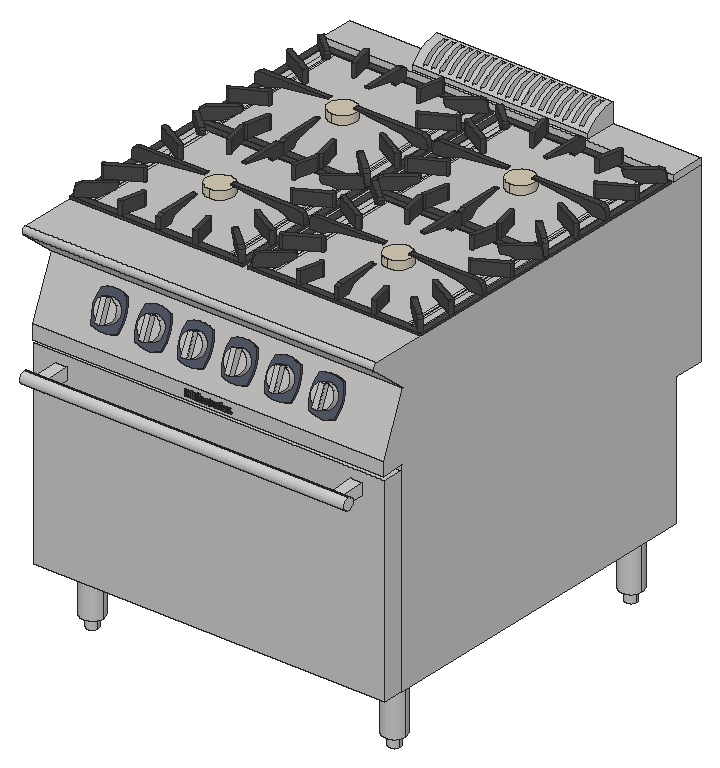
Revit family "QF_ELECTROLUXPROFESSIONAL_391457_E9AAMCBCMEE", category Attrezzature speciali, Revit 2018 (continued)
Automatic sketch dimensions
  plane 5 "FRONT" to Extrusion 17 sketch curve = 31.821 mm
  Extrusion 17 sketch curve to Extrusion 17 sketch curve = 3.343 mm
  Extrusion 17 sketch curve to Extrusion 17 sketch curve = 2.066 mm
  Extrusion 17 sketch curve to Extrusion 17 sketch curve = 0 mm  (x2)
  Extrusion 17 sketch curve to Extrusion 17 sketch curve = 1.593 mm
  Extrusion 17 sketch curve to Extrusion 17 sketch curve = 5.756 mm
  Extrusion 17 sketch curve to Extrusion 17 sketch curve = 4.906 mm
  Extrusion 17 sketch curve to Extrusion 17 sketch curve = 5.312 mm
  plane 5 "FRONT" to Extrusion 17 sketch curve = 22.691 mm
  Extrusion 17 sketch curve to Extrusion 17 sketch curve = 11.3 mm
  Extrusion 17 sketch curve to Extrusion 17 sketch curve = 28.009 mm
  Extrusion 17 sketch curve to Extrusion 17 sketch curve = 2.83 mm
  Extrusion 18 sketch curve to plane 18 = 0 mm
  Extrusion 18 sketch curve to plane 12 = 298.908 mm
  plane 5 "FRONT" to Extrusion 18 sketch curve = 31.821 mm
  Extrusion 18 sketch curve to Extrusion 18 sketch curve = 3.343 mm
  Extrusion 18 sketch curve to Extrusion 18 sketch curve = 2.066 mm
  Extrusion 18 sketch curve to Extrusion 18 sketch curve = 0 mm  (x2)
  Extrusion 18 sketch curve to Extrusion 18 sketch curve = 1.593 mm
  Extrusion 18 sketch curve to Extrusion 18 sketch curve = 5.756 mm
  Extrusion 18 sketch curve to Extrusion 18 sketch curve = 4.906 mm
  Extrusion 18 sketch curve to Extrusion 18 sketch curve = 5.312 mm
  plane 5 "FRONT" to Extrusion 18 sketch curve = 22.691 mm
  Extrusion 18 sketch curve to Extrusion 18 sketch curve = 11.3 mm
  Extrusion 18 sketch curve to Extrusion 18 sketch curve = 28.009 mm
  Extrusion 18 sketch curve to Extrusion 18 sketch curve = 11.2 mm
  Extrusion 1 to Split face 1 sketch curve = 14.837 mm
  Split face 1 sketch curve to Extrusion 1 = 288.713 mm
  Extrusion 1 to Split face 2 sketch curve = 14.837 mm
  Split face 2 sketch curve to Extrusion 1 = 288.713 mm
  Extrusion 20 sketch curve to Extrusion 1 = 51 mm
  Extrusion 20 sketch curve to Extrusion 1 = 186.437 mm
  Extrusion 21 sketch curve to Extrusion 1 = 151 mm
  Extrusion 21 sketch curve to Extrusion 1 = 316.437 mm
  plane 5 "FRONT" to curve 1 = 0 mm
  plane 1 "BACK" to curve 5 = 0 mm
  curve 5 to plane 4 "RIGHT" = 0 mm
  plane 5 "FRONT" to curve 11 = 0 mm
  curve 10 to plane 3 "LEFT" = 0 mm
  curve 1 to plane 3 "LEFT" = 100.013 mm
  curve 2 to plane 4 "RIGHT" = 100.013 mm
  plane 17 to curve 11 = 0 mm
  curve 3 to plane 5 "FRONT" = 0.396 mm
  plane 11 to curve 7 = 4.762 mm
  curve 2 to plane 1 "BACK" = 100.013 mm
  Extrusion 10 sketch curve to Extrusion 9 = 0 mm  (x2)
  Extrusion 9 to Extrusion 10 sketch curve = 31.592 mm
  Extrusion 9 to Extrusion 10 sketch curve = 0.189 mm
  Extrusion 10 sketch curve to Extrusion 9 = 37.955 mm
  Extrusion 1 sketch curve to plane 12 = 0 mm
  Extrusion 1 sketch curve to plane 9 = 0 mm
  Extrusion 1 sketch curve to plane 1 "BACK" = 0 mm
  plane 16 to Extrusion 1 sketch curve = 44.681 mm
  plane 18 to Extrusion 1 sketch curve = 48.563 mm
  Extrusion 1 sketch curve to Extrusion 1 sketch curve = 3.175 mm
  Extrusion 1 sketch curve to Extrusion 1 sketch curve = 0.442 mm
  Extrusion 1 sketch curve to plane 18 = 2.478 mm
  Extrusion 1 sketch curve to plane 5 "FRONT" = 8.995 mm
  Extrusion 1 sketch curve to plane 5 "FRONT" = 3.18 mm
  Extrusion 1 sketch curve to plane 12 = 240.721 mm
  Extrusion 1 sketch curve to Extrusion 1 sketch curve = 1.552 mm
  Extrusion 1 sketch curve to Extrusion 1 sketch curve = 31.298 mm
  Extrusion 1 sketch curve to plane 12 = 84.067 mm
  Extrusion 1 sketch curve to plane 12 = 15.842 mm
  plane 13 to curve 16 = 25.075 mm
  plane 13 to curve 14 = 5.2 mm
  curve 15 to plane 13 = 20.2 mm
  curve 21 to plane 14 = 20.2 mm
  plane 14 to curve 19 = 5.2 mm
  plane 20 to curve 19 = 12.075 mm
  plane 5 "FRONT" to curve 16 = 46.591 mm
  curve 14 to curve 15 = 36.993 mm
  curve 17 to curve 20 = 9.598 mm
  curve 14 to curve 23 = 15.8 mm
  curve 20 to curve 19 = 15.802 mm
  plane 5 "FRONT" to curve 16 = 21.191 mm
  plane 11 to curve 24 = 11.113 mm
  plane 19 to curve 24 = 47.9 mm
  curve 24 to plane 13 = 144 mm
  curve 24 to curve 28 = 20.698 mm
  curve 25 to curve 27 = 9.296 mm
  plane 11 to curve 25 = 17.052 mm
  plane 1 "BACK" to curve 26 = 6.761 mm
  curve 27 to curve 29 = 9.397 mm
  curve 29 to curve 30 = 9.296 mm
  plane 11 to curve 32 = 17.052 mm
  plane 1 "BACK" to curve 30 = 6.761 mm
  curve 31 to curve 33 = 9.397 mm
  curve 33 to curve 34 = 9.296 mm
  plane 11 to curve 36 = 17.052 mm
  plane 1 "BACK" to curve 35 = 6.761 mm
  curve 34 to curve 37 = 9.397 mm
  curve 37 to curve 38 = 9.296 mm
  plane 11 to curve 40 = 17.052 mm
  plane 1 "BACK" to curve 39 = 6.761 mm
  curve 38 to curve 41 = 9.397 mm
  curve 41 to curve 42 = 9.296 mm
  plane 11 to curve 44 = 17.052 mm
  plane 1 "BACK" to curve 43 = 6.761 mm
  curve 42 to curve 45 = 9.397 mm
  curve 45 to curve 48 = 9.296 mm
  curve 43 to curve 45 = 0 mm
  plane 1 "BACK" to curve 47 = 6.761 mm
  curve 46 to curve 49 = 9.397 mm
  curve 49 to curve 52 = 9.296 mm
  curve 47 to curve 49 = 0 mm
  plane 1 "BACK" to curve 51 = 6.761 mm
  curve 51 to curve 56 = 9.397 mm
  curve 53 to curve 56 = 9.296 mm
  curve 51 to curve 53 = 0 mm
  plane 1 "BACK" to curve 55 = 6.761 mm
  curve 55 to curve 57 = 9.397 mm
  curve 57 to curve 60 = 9.296 mm
  curve 55 to curve 57 = 0 mm
  plane 1 "BACK" to curve 59 = 6.761 mm
  curve 58 to curve 61 = 9.397 mm
  curve 64 to plane 7 "Center Y" = 1.823 mm
  curve 59 to curve 61 = 0 mm
  plane 1 "BACK" to curve 63 = 6.761 mm
  plane 7 "Center Y" to curve 65 = 7.574 mm
  curve 65 to curve 68 = 8.858 mm
  curve 63 to curve 65 = 0 mm
  plane 1 "BACK" to curve 67 = 6.761 mm
  curve 67 to curve 72 = 9.397 mm
  curve 69 to curve 72 = 9.296 mm
  curve 67 to curve 69 = 0 mm
  plane 1 "BACK" to curve 71 = 6.761 mm
  curve 70 to curve 73 = 9.397 mm
  curve 73 to curve 76 = 9.296 mm
  curve 71 to curve 73 = 0 mm
  plane 1 "BACK" to curve 75 = 6.761 mm
  curve 74 to curve 77 = 9.397 mm
  curve 77 to curve 80 = 9.296 mm
  curve 75 to curve 77 = 0 mm
  plane 1 "BACK" to curve 79 = 6.761 mm
  curve 79 to curve 81 = 9.397 mm
  curve 81 to curve 84 = 9.296 mm
  curve 79 to curve 81 = 0 mm
  plane 1 "BACK" to curve 83 = 6.761 mm
  curve 82 to curve 85 = 9.397 mm
  curve 85 to curve 88 = 9.296 mm
  curve 83 to curve 85 = 0 mm
  plane 1 "BACK" to curve 87 = 6.761 mm
  curve 87 to curve 89 = 9.397 mm
  curve 89 to curve 92 = 9.296 mm
  curve 87 to curve 89 = 0 mm
  plane 1 "BACK" to curve 91 = 6.761 mm
  curve 90 to curve 93 = 9.397 mm
  curve 96 to plane 19 = 4.77 mm
  curve 91 to curve 93 = 0 mm
  plane 1 "BACK" to curve 95 = 6.761 mm
  plane 19 to curve 97 = 4.627 mm
  curve 97 to curve 100 = 9.296 mm
  curve 95 to curve 97 = 0 mm
  plane 1 "BACK" to curve 99 = 6.761 mm
  curve 98 to curve 101 = 9.397 mm
  curve 101 to curve 104 = 9.296 mm
  curve 99 to curve 101 = 0 mm
  plane 1 "BACK" to curve 103 = 6.761 mm
  radius of Extrusion 6 sketch curve = 25.4 mm  (x6)
  radius of Extrusion 7 sketch curve to Extrusion 6 = 0 mm  (x8)
  radius of Extrusion 16 sketch curve to Extrusion 18 = 0 mm
  radius of Extrusion 19 sketch curve = 12.7 mm
  radius of Split face 1 sketch curve = 5 mm
  radius of Split face 2 sketch curve = 5 mm
  radius of Extrusion 20 sketch curve = 6.4 mm
  radius of Extrusion 21 sketch curve = 12.7 mm
Nested families
  nested 1: "371009_BURNER" at (393.7, -440.488, 0) x (-1, 0, 0) z (0, 0, 1), type "371009_BURNER"
    with Type Mark "", Status "", Specification by User "", Revision Code "", Item Number "", Installed By "", Identify Quantity as Lot yes, Furnished By "", Foodservice Equipment Identifier yes
  nested 2: "371009_BURNER" at (393.7, -440.488, 0) x (-1, 0, 0) z (0, 0, 1), type "371009_BURNER"
    with Type Mark "", Status "", Specification by User "", Revision Code "", Item Number "", Installed By "", Identify Quantity as Lot yes, Furnished By "", Foodservice Equipment Identifier yes
  nested 3: "371009_BURNER" at (406.4, -440.488, 0), type "371009_BURNER"
    with Type Mark "", Status "", Specification by User "", Revision Code "", Item Number "", Installed By "", Identify Quantity as Lot yes, Furnished By "", Foodservice Equipment Identifier yes
  nested 4: "371009_BURNER" at (406.4, -440.488, 0), type "371009_BURNER"
    with Type Mark "", Status "", Specification by User "", Revision Code "", Item Number "", Installed By "", Identify Quantity as Lot yes, Furnished By "", Foodservice Equipment Identifier yes
Connectors
  piping at (749.1, -665, 129), diameter 12.8
    settings: on Extrusion 20, index 1, connector inside diameter 0.50394", connector length 0 mm, flow factor 0, pipe flow 0 GPM, pressure drop 0.00 psi, fitting loss kfactor 0, connector angle 0.00°, fixture units 0, engagement length 0 mm, angle of deflection 0.00°, flow configuration 1, flow direction 1, fitting loss method 0, system type 7, joint type 0, gender type 0, connector reference index -1, connector utility 0, adjustable connector no, is connector primary yes, connector description "GAS CONNECTION"
  electrical at (757.1, -760, 146)
    settings: on Extrusion 19, index 2, voltage 400 V, apparent load 0 VA, apparent load phase1 0 VA, apparent load phase2 0 VA, apparent load phase3 0 VA, power factor 1, load classification "Other", number of poles 1, system type 30, power factor state 1, is connector primary yes, connector utility no, sub classification motor no, connector description "ELECTRICAL CONNECTION"
Definition of nested family "371009_BURNER"
  Parameters
    Weight in Pounds = 0
    URL Cutsheet = ""
    URL = "www.electrolux.com"
    Type Mark [instance] = ""
    Status [instance] = ""
    Specification by User [instance] = ""
    Specification by Manufacturer = ""
    Show Clearance [instance] = yes
    Serial Number = ""
    Seismic Rating = ""
    SMACNA No = ""
    Revision Code [instance] = ""
    Omniclass Number and Title = ""
    NAFEM Spec ID Number = ""
    Model = "371009"
    Masterspec = ""
    Manufacturer = "ELECTROLUX"
    Item Number [instance] = ""
    Installed By [instance] = ""
    Identify Quantity as Lot [instance] = yes
    Furnished By [instance] = ""
    Foodservice Equipment Identifier [instance] = yes
    Description = ""
    CSI MasterFormat = ""
    CSI Master Format = ""
  Reference planes
    plane 1 "BACK": y = 0
    plane 2: z = 0
    plane 3 "LEFT": x = 0
    plane 4 "RIGHT": x = 393.7
    plane 5 "FRONT": y = -355.6
    plane 6 "TOP": z = 908.85
    plane 7 "Center Y": x = 196.85
    plane 8 "Center X": y = -177.8
    plane 9 "Base": z = 150
    plane 10: z = 850.85
  Forms (mm)
    Extrusion 1, solid
      sketch origin (-6.433, -404.961, 5) x (1, 0, 0) y (0, 0, -1)
        loop
          arc (7.142, -850.85) -> (6.739, -862.989) -> (9.761, -874.752) r 42.809
          line (9.761, -874.752) -> (19.961, -879.425) -> (173.122, -879.425)
          arc (173.122, -879.425) -> (174.316, -878.312) -> (173.289, -877.043) r 1.197
          line (173.289, -877.043) -> (64.848, -864.021)
          arc (64.848, -864.021) -> (50.111, -858.738) -> (36.589, -850.85) r 85.245
          line (36.589, -850.85) -> (7.142, -850.85)
        loop
          line (399.424, -850.85) -> (369.977, -850.85)
          arc (369.977, -850.85) -> (356.455, -858.738) -> (341.718, -864.021) r 85.245
          line (341.718, -864.021) -> (233.277, -877.043)
          arc (233.277, -877.043) -> (232.25, -878.312) -> (233.444, -879.425) r 1.197
          line (233.444, -879.425) -> (386.605, -879.425) -> (396.806, -874.752)
          arc (396.806, -874.752) -> (399.827, -862.989) -> (399.424, -850.85) r 42.809
      from 224.564 to 234.564
    Extrusion 2, solid
      sketch origin (196.85, 175.397, 1219.2) x (0, 1, 0) y (0, 0, 1)
        loop
          line (-204.463, -363.35) -> (-175.397, -363.35) -> (-175.397, -339.506)
          arc (-175.397, -339.506) -> (-181.025, -338.266) -> (-185.611, -334.775) r 13.39
          line (-185.611, -334.775) -> (-278.903, -334.775)
          arc (-278.903, -334.775) -> (-280.097, -335.888) -> (-279.07, -337.157) r 1.197
          line (-279.07, -337.157) -> (-227.151, -347.464)
          arc (-227.151, -347.464) -> (-213.741, -352.457) -> (-204.463, -363.35) r 28.426
        loop
          arc (-496.332, -363.35) -> (-487.053, -352.457) -> (-473.644, -347.464) r 28.426
          line (-473.644, -347.464) -> (-421.725, -337.157)
          arc (-421.725, -337.157) -> (-420.697, -335.888) -> (-421.891, -334.775) r 1.197
          line (-421.891, -334.775) -> (-515.184, -334.775)
          arc (-515.184, -334.775) -> (-519.769, -338.266) -> (-525.397, -339.506) r 13.39
          line (-525.397, -339.506) -> (-525.397, -363.35) -> (-496.332, -363.35)
      from -5 to 5
    Extrusion 3, solid
      sketch origin (-6.433, 367.064, 850.85) x (0, -1, 0) y (1, 0, 0)
        loop
          line (722.664, 6.433) -> (722.664, 400.133) -> (367.064, 400.133) -> (367.064, 6.433) -> (722.664, 6.433)
        loop
          line (382.064, 21.433) -> (707.664, 21.433) -> (707.664, 385.133) -> (382.064, 385.133) -> (382.064, 21.433)
      from 0 to 5
    Extrusion 4, solid
      sketch origin (-18.933, 367.064, 855.85) x (0, -1, 0) y (1, 0, 0)
        loop
          circle (541.667, 215.783) r 30
      from -1.321 to 17.134
    Extrusion 5, solid
      sketch origin (-6.433, -367.064, 0) x (1, 0, 0) y (0, 0, -1)
        loop
          line (21.433, -855.85) -> (36.589, -855.85)
          arc (36.589, -855.85) -> (40.561, -855.243) -> (44.305, -853.783) r 18.259
          arc (44.305, -853.783) -> (45.997, -853.366) -> (47.69, -853.783) r 3.649
          arc (47.69, -853.783) -> (49.901, -854.522) -> (52.232, -854.529) r 7.328
          line (52.232, -854.529) -> (354.334, -854.529)
          arc (354.334, -854.529) -> (356.666, -854.522) -> (358.877, -853.783) r 7.328
          arc (358.877, -853.783) -> (360.569, -853.366) -> (362.261, -853.783) r 3.649
          arc (362.261, -853.783) -> (366.005, -855.243) -> (369.977, -855.85) r 18.259
          line (369.977, -855.85) -> (385.133, -855.85) -> (385.133, -850.85) -> (21.433, -850.85) -> (21.433, -855.85)
      from 26.464 to 352.064
    Extrusion 6, solid
      sketch origin (83.284, -458.334, 5) x (0.742103, 0.670286, 0) y (0, 0, -1)
        loop
          arc (88.629, -864.012) -> (73.909, -858.731) -> (60.402, -850.85) r 85.245
          line (60.402, -850.85) -> (14.993, -850.85)
          arc (14.993, -850.85) -> (14.642, -862.948) -> (17.686, -874.663) r 42.876
          line (17.686, -874.663) -> (27.899, -879.425) -> (89.664, -879.425)
          arc (89.664, -879.425) -> (92.39, -878.352) -> (93.654, -875.709) r 4
          arc (93.654, -875.709) -> (92.562, -869.25) -> (88.629, -864.012) r 13.87
        loop
          arc (457.638, -864.012) -> (453.704, -869.25) -> (452.613, -875.709) r 13.87
          arc (452.613, -875.709) -> (453.876, -878.352) -> (456.603, -879.425) r 4
          line (456.603, -879.425) -> (518.367, -879.425) -> (528.581, -874.663)
          arc (528.581, -874.663) -> (531.624, -862.948) -> (531.273, -850.85) r 42.876
          line (531.273, -850.85) -> (485.865, -850.85)
          arc (485.865, -850.85) -> (472.357, -858.731) -> (457.638, -864.012) r 85.245
      from 127.064 to 137.064
    Extrusion 7, solid
      sketch origin (310.416, -458.334, 5) x (-0.742103, 0.670286, 0) y (0, 0, 1)
        loop
          arc (88.629, 864.012) -> (92.562, 869.25) -> (93.654, 875.709) r 13.87
          arc (93.654, 875.709) -> (92.39, 878.352) -> (89.664, 879.425) r 4
          line (89.664, 879.425) -> (27.899, 879.425) -> (17.686, 874.663)
          arc (17.686, 874.663) -> (14.642, 862.948) -> (14.993, 850.85) r 42.876
          line (14.993, 850.85) -> (60.402, 850.85)
          arc (60.402, 850.85) -> (73.909, 858.731) -> (88.629, 864.012) r 85.245
        loop
          arc (457.638, 864.012) -> (472.357, 858.731) -> (485.865, 850.85) r 85.245
          line (485.865, 850.85) -> (531.273, 850.85)
          arc (531.273, 850.85) -> (531.624, 862.948) -> (528.581, 874.663) r 42.876
          line (528.581, 874.663) -> (518.367, 879.425) -> (456.603, 879.425)
          arc (456.603, 879.425) -> (453.876, 878.352) -> (452.613, 875.709) r 4
          arc (452.613, 875.709) -> (453.704, 869.25) -> (457.638, 864.012) r 13.87
      from 127.064 to 137.064
    Extrusion 8, solid
      sketch origin (-6.433, 367.064, 855.85) x (0, -1, 0) y (1, 0, 0)
        loop
          arc (626.166, 9.428) -> (632.956, 7.454) -> (634.93, 14.244) r 5
          line (634.93, 14.244) -> (600.514, 76.878)
          arc (600.514, 76.878) -> (593.724, 78.852) -> (591.75, 72.062) r 5
          line (591.75, 72.062) -> (626.166, 9.428)
        loop
          line (463.562, 9.428) -> (497.977, 72.062)
          arc (497.977, 72.062) -> (496.003, 78.852) -> (489.213, 76.878) r 5
          line (489.213, 76.878) -> (454.798, 14.244)
          arc (454.798, 14.244) -> (456.772, 7.454) -> (463.562, 9.428) r 5
        loop
          line (626.166, 397.138) -> (591.75, 334.504)
          arc (591.75, 334.504) -> (593.724, 327.714) -> (600.514, 329.689) r 5
          line (600.514, 329.689) -> (634.93, 392.323)
          arc (634.93, 392.323) -> (632.956, 399.113) -> (626.166, 397.138) r 5
        loop
          arc (463.562, 397.138) -> (456.772, 399.113) -> (454.798, 392.323) r 5
          line (454.798, 392.323) -> (489.213, 329.689)
          arc (489.213, 329.689) -> (496.003, 327.714) -> (497.977, 334.504) r 5
          line (497.977, 334.504) -> (463.562, 397.138)
        loop
          line (715.14, 293.499) -> (666.703, 282.317)
          arc (666.703, 282.317) -> (662.956, 276.32) -> (668.953, 272.573) r 5
          line (668.953, 272.573) -> (717.389, 283.756)
          arc (717.389, 283.756) -> (721.136, 289.752) -> (715.14, 293.499) r 5
        loop
          arc (715.14, 113.067) -> (721.136, 116.814) -> (717.389, 122.811) r 5
          line (717.389, 122.811) -> (668.953, 133.993)
          arc (668.953, 133.993) -> (662.956, 130.246) -> (666.703, 124.249) r 5
          line (666.703, 124.249) -> (715.14, 113.067)
        loop
          arc (374.588, 293.499) -> (368.591, 289.752) -> (372.338, 283.756) r 5
          line (372.338, 283.756) -> (420.775, 272.573)
          arc (420.775, 272.573) -> (426.771, 276.32) -> (423.024, 282.317) r 5
          line (423.024, 282.317) -> (374.588, 293.499)
        loop
          line (374.588, 113.067) -> (423.024, 124.249)
          arc (423.024, 124.249) -> (426.771, 130.246) -> (420.775, 133.993) r 5
          line (420.775, 133.993) -> (372.338, 122.811)
          arc (372.338, 122.811) -> (368.591, 116.814) -> (374.588, 113.067) r 5
      from 0 to 28.575
  Lines and regions (mm)
    symbolic lines
      curve 1: line (0, -355.6, 150) -> (393.7, -355.6, 150)
      curve 2: line (0, 0, 150) -> (0, -355.6, 150)
      curve 3: line (393.7, -355.6, 150) -> (393.7, 0, 150)
      curve 4: line (369.633, -15, 150) -> (285.34, -15, 150)
      curve 5: line (24.067, -340.6, 150) -> (108.36, -340.6, 150)
      curve 6: line (157.475, -170.397, 150) -> (157.475, -15, 150)
      curve 7: line (236.225, -170.397, 150) -> (236.225, -15, 150)
      curve 8: line (201.85, -350, 150) -> (201.85, -176.674, 150)
      curve 9: line (0, -180.397, 150) -> (167.224, -180.397, 150)
      curve 10: line (393.7, -170.397, 150) -> (228.275, -170.397, 150)
      curve 11: line (15, -180.397, 150) -> (15, -252.506, 150)
      curve 12: line (45.799, -340.6, 150) -> (45.799, -320.971, 150)
      curve 13: line (167.224, -170.397, 150) -> (0, -170.397, 150)
      curve 14: line (228.275, -180.504, 150) -> (393.7, -180.504, 150)
      curve 15: arc (228.275, -170.397, 150) -> (223.221, -175.45, 150) -> (228.275, -180.504, 150) r 5.054
      curve 16: arc (167.224, -170.397, 150) -> (172.224, -175.397, 150) -> (167.224, -180.397, 150) r 5
      curve 17: line (191.85, -176.674, 150) -> (191.85, -350, 150)
      curve 18: line (201.85, -134.556, 150) -> (201.85, -0.794, 150)
      curve 19: arc (201.85, -176.674, 150) -> (196.85, -171.674, 150) -> (191.85, -176.674, 150) r 5
      curve 20: arc (201.85, -134.556, 150) -> (196.85, -139.556, 150) -> (191.85, -134.556, 150) r 5
      curve 21: line (191.85, -15, 150) -> (118.623, -15, 150)
      curve 22: arc (201.85, -29.042, 150) -> (213.272, -50.008, 150) -> (201.85, -70.973, 150) r 24.953
      curve 23: arc (213.086, -53.048, 150) -> (214.5, -50.008, 150) -> (213.086, -46.967, 150) r 3.975
      curve 24: arc (191.85, -29.852, 150) -> (181.339, -50.008, 150) -> (191.85, -70.163, 150) r 24.58
      curve 25: arc (181.527, -53.042, 150) -> (179.976, -50.008, 150) -> (181.527, -46.973, 150) r 3.745
      curve 26: line (191.85, -0.794, 150) -> (191.85, -134.556, 150)
      curve 27: line (191.85, -350, 150) -> (201.85, -350, 150)
      curve 28: line (191.85, -11.007, 150) -> (201.85, -11.007, 150)
      curve 29: line (191.85, -0.794, 150) -> (201.85, -0.794, 150)
      curve 30: line (201.85, -340.6, 150) -> (275.077, -340.6, 150)
      curve 31: arc (196.85, -145.397, 0) -> (166.955, -172.888, 0) -> (191.85, -204.977, 0) r 30
      curve 32: arc (201.85, -204.977, 0) -> (226.745, -172.888, 0) -> (196.85, -145.397, 0) r 30
      curve 33: arc (158.678, -180.397, 0) -> (170.734, -200.207, 0) -> (191.85, -209.795, 0) r 39.375
      curve 34: line (163.825, -170.397, 150) -> (163.825, -15, 150)
      curve 35: line (229.875, -170.397, 150) -> (229.875, -15, 150)
      curve 36: line (144.775, -170.397, 150) -> (144.775, -15, 150)
      curve 37: line (248.925, -170.397, 150) -> (248.925, -15, 150)
      curve 38: arc (145.678, -180.397, 0) -> (161.728, -209.187, 0) -> (191.85, -222.573, 0) r 52.075
      curve 39: arc (201.85, -209.795, 0) -> (222.966, -200.207, 0) -> (235.022, -180.397, 0) r 39.375
      curve 40: arc (201.85, -222.573, 0) -> (231.931, -209.224, 0) -> (248.001, -180.504, 0) r 52.075
      curve 41: line (393.7, 0, 0) -> (0, 0, 0)
      curve 42: line (70.445, -122.149, 0) -> (7.81, -87.734, 0)
      curve 43: arc (7.81, -87.734, 0) -> (1.021, -89.708, 0) -> (2.995, -96.498, 0) r 5
      curve 44: line (2.995, -96.498, 0) -> (65.629, -130.914, 0)
      curve 45: arc (65.629, -130.914, 0) -> (72.419, -128.939, 0) -> (70.445, -122.149, 0) r 5
      curve 46: line (65.629, -224.686, 0) -> (2.995, -259.102, 0)
      curve 47: arc (2.995, -259.102, 0) -> (1.021, -265.892, 0) -> (7.81, -267.866, 0) r 5
      curve 48: line (7.81, -267.866, 0) -> (70.445, -233.451, 0)
      curve 49: arc (70.445, -233.451, 0) -> (72.419, -226.661, 0) -> (65.629, -224.686, 0) r 5
      curve 50: line (323.255, -122.149, 0) -> (385.89, -87.734, 0)
      curve 51: arc (385.89, -87.734, 0) -> (392.679, -89.708, 0) -> (390.705, -96.498, 0) r 5
      curve 52: line (390.705, -96.498, 0) -> (328.071, -130.914, 0)
      curve 53: arc (328.071, -130.914, 0) -> (321.281, -128.939, 0) -> (323.255, -122.149, 0) r 5
      curve 54: line (328.071, -224.686, 0) -> (390.705, -259.102, 0)
      curve 55: arc (390.705, -259.102, 0) -> (392.679, -265.892, 0) -> (385.89, -267.866, 0) r 5
      curve 56: line (385.89, -267.866, 0) -> (323.255, -233.451, 0)
      curve 57: arc (323.255, -233.451, 0) -> (321.281, -226.661, 0) -> (328.071, -224.686, 0) r 5
      curve 58: line (118.623, -340.6, 150) -> (191.85, -340.6, 150)
      curve 59: line (285.34, -340.6, 150) -> (369.633, -340.6, 150)
      curve 60: line (378.7, -335.314, 0) -> (378.7, -263.916, 0)
      curve 61: line (1.326, -7.935, 0) -> (58.752, -59.804, 0)
      curve 62: line (65.455, -52.383, 0) -> (8.029, -0.514, 0)
      curve 63: arc (58.752, -59.804, 0) -> (65.814, -59.445, 0) -> (65.455, -52.383, 0) r 5
      curve 64: line (1.326, -7.935, 0) -> (8.029, -0.514, 0)
      curve 65: line (392.374, -7.935, 0) -> (334.948, -59.804, 0)
      curve 66: line (328.245, -52.383, 0) -> (385.671, -0.514, 0)
      curve 67: arc (334.948, -59.804, 0) -> (327.886, -59.445, 0) -> (328.245, -52.383, 0) r 5
      curve 68: line (392.374, -7.935, 0) -> (385.671, -0.514, 0)
      curve 69: line (392.374, -347.665, 0) -> (334.948, -295.796, 0)
      curve 70: line (328.245, -303.217, 0) -> (385.671, -355.086, 0)
      curve 71: arc (334.948, -295.796, 0) -> (327.886, -296.155, 0) -> (328.245, -303.217, 0) r 5
      curve 72: line (392.374, -347.665, 0) -> (385.671, -355.086, 0)
      curve 73: line (1.326, -347.665, 0) -> (58.752, -295.796, 0)
      curve 74: line (65.455, -303.217, 0) -> (8.029, -355.086, 0)
      curve 75: arc (58.752, -295.796, 0) -> (65.814, -296.155, 0) -> (65.455, -303.217, 0) r 5
      curve 76: line (1.326, -347.665, 0) -> (8.029, -355.086, 0)
      curve 77: line (347.901, -15, 0) -> (347.901, -34.629, 0)
      curve 78: line (347.901, -320.971, 0) -> (347.901, -340.6, 0)
      curve 79: line (378.7, -252.506, 0) -> (378.7, -180.397, 0)
      curve 80: line (347.901, -246.993, 0) -> (347.901, -307.496, 0)
      curve 81: line (378.7, -170.397, 0) -> (378.7, -103.094, 0)
      curve 82: line (347.901, -180.397, 0) -> (347.901, -235.582, 0)
      curve 83: line (378.7, -91.684, 0) -> (378.7, -20.286, 0)
      curve 84: line (347.901, -120.018, 0) -> (347.901, -170.397, 0)
      curve 85: line (347.901, -48.104, 0) -> (347.901, -108.607, 0)
      curve 86: line (275.077, -15, 150) -> (201.85, -15, 150)
      curve 87: line (108.36, -15, 150) -> (24.067, -15, 150)
      curve 88: line (45.799, -40, 150) -> (45.799, -15, 150)
      curve 89: line (45.799, -108.607, 150) -> (45.799, -40, 150)
      curve 90: line (15, -20.286, 0) -> (15, -91.684, 0)
      curve 91: line (15, -103.094, 0) -> (15, -170.397, 0)
      curve 92: line (45.799, -170.397, 150) -> (45.799, -120.018, 150)
      curve 93: line (45.799, -235.582, 150) -> (45.799, -180.397, 150)
      curve 94: line (15, -263.916, 150) -> (15, -335.314, 150)
      curve 95: line (45.799, -307.496, 150) -> (45.799, -246.993, 150)
      curve 96: line (116.378, -350.325, 0) -> (127.56, -301.889, 0)
      curve 97: arc (127.56, -301.889, 0) -> (123.813, -295.892, 0) -> (117.816, -299.64, 0) r 5
      curve 98: line (117.816, -299.64, 0) -> (106.634, -348.076, 0)
      curve 99: arc (106.634, -348.076, 0) -> (110.381, -354.072, 0) -> (116.378, -350.325, 0) r 5
      curve 100: line (266.14, -301.889, 0) -> (277.322, -350.325, 0)
      curve 101: arc (277.322, -350.325, 0) -> (283.319, -354.072, 0) -> (287.066, -348.076, 0) r 5
      curve 102: line (287.066, -348.076, 0) -> (275.884, -299.64, 0)
      curve 103: arc (275.884, -299.64, 0) -> (269.887, -295.892, 0) -> (266.14, -301.889, 0) r 5
      curve 104: line (275.884, -55.96, 0) -> (287.066, -7.524, 0)
      curve 105: arc (287.066, -7.524, 0) -> (283.319, -1.528, 0) -> (277.322, -5.275, 0) r 5
      curve 106: line (277.322, -5.275, 0) -> (266.14, -53.711, 0)
      curve 107: arc (266.14, -53.711, 0) -> (269.887, -59.708, 0) -> (275.884, -55.96, 0) r 5
      curve 108: line (127.56, -53.711, 0) -> (116.378, -5.275, 0)
      curve 109: arc (116.378, -5.275, 0) -> (110.381, -1.528, 0) -> (106.634, -7.524, 0) r 5
      curve 110: line (106.634, -7.524, 0) -> (117.816, -55.96, 0)
      curve 111: arc (117.816, -55.96, 0) -> (123.813, -59.708, 0) -> (127.56, -53.711, 0) r 5
  Dimensions and locks
    equal spacing: plane 3 "LEFT", plane 7 "Center Y", plane 4 "RIGHT"
    plane 3 "LEFT" to plane 4 "RIGHT" = 393.7 mm
    equal spacing: plane 5 "FRONT", plane 8 "Center X", plane 1 "BACK"
    plane 5 "FRONT" to plane 1 "BACK" = 355.6 mm
    plane 6 "TOP" to level = 908.85 mm
    plane 9 "Base" to level = 150 mm
    plane 6 "TOP" to plane 10 = 58 mm  (x2)
    locked: Extrusion 4 sketch curve to plane 7 "Center Y" at 0
    aligned and locked: level to plane 2
  Automatic sketch dimensions
    curve 10 to plane 4 "RIGHT" = 0 mm
    curve 20 to plane 7 "Center Y" = 0 mm
    curve 19 to plane 7 "Center Y" = 0 mm
    curve 9 to plane 3 "LEFT" = 0 mm
    plane 1 "BACK" to curve 2 = 0 mm
    plane 1 "BACK" to curve 3 = 0 mm
    plane 5 "FRONT" to curve 2 = 0 mm
    curve 4 to plane 4 "RIGHT" = 24.067 mm
    curve 59 to plane 4 "RIGHT" = 24.067 mm
    plane 1 "BACK" to curve 37 = 15 mm
    plane 7 "Center Y" to curve 37 = 52.075 mm
    curve 37 to curve 7 = 12.7 mm
    curve 7 to curve 35 = 6.35 mm
    plane 8 "Center X" to curve 15 = 2.35 mm
    curve 35 to curve 15 = 1.6 mm
    plane 7 "Center Y" to curve 23 = 16.236 mm
    curve 23 to curve 23 = 0 mm
    curve 23 to curve 23 = 2.56 mm
    curve 23 to curve 24 = 4.607 mm
    plane 7 "Center Y" to curve 86 = 5 mm
    plane 7 "Center Y" to curve 27 = 5 mm
    curve 22 to plane 7 "Center Y" = 8.531 mm
    curve 22 to curve 25 = 4.597 mm
    curve 25 to curve 25 = 2.194 mm  (x2)
    curve 9 to plane 8 "Center X" = 2.597 mm
    curve 17 to curve 9 = 24.626 mm
    curve 21 to curve 34 = 28.025 mm
    curve 34 to curve 6 = 6.35 mm
    plane 8 "Center X" to curve 36 = 7.403 mm
    curve 6 to curve 36 = 12.7 mm
    plane 3 "LEFT" to curve 12 = 45.799 mm
    plane 3 "LEFT" to curve 87 = 24.067 mm
    plane 3 "LEFT" to curve 5 = 24.067 mm
    plane 1 "BACK" to curve 26 = 0.794 mm
    curve 28 to curve 86 = 3.993 mm
    curve 28 to curve 21 = 3.993 mm
    curve 86 to curve 22 = 14.042 mm
    curve 22 to curve 24 = 0.81 mm
    curve 22 to curve 23 = 17.925 mm
    curve 25 to curve 22 = 3.035 mm
    plane 8 "Center X" to curve 26 = 43.244 mm
    curve 15 to curve 15 = 5.054 mm
    plane 8 "Center X" to curve 17 = 1.126 mm
    curve 94 to curve 12 = 5.286 mm
    curve 58 to plane 5 "FRONT" = 15 mm
    curve 59 to plane 5 "FRONT" = 15 mm
    curve 8 to plane 5 "FRONT" = 5.6 mm
    plane 3 "LEFT" to Extrusion 1 sketch curve = 0.709 mm
    plane 3 "LEFT" to Extrusion 1 sketch curve = 3.327 mm
    Extrusion 1 sketch curve to Extrusion 1 sketch curve = 10.201 mm
    plane 10 to Extrusion 1 sketch curve = 5 mm  (x2)
    Extrusion 1 sketch curve to Extrusion 1 sketch curve = 29.447 mm
    Extrusion 1 sketch curve to Extrusion 1 sketch curve = 12.704 mm  (x2)
    Extrusion 1 sketch curve to Extrusion 1 sketch curve = 15.555 mm  (x2)
    plane 3 "LEFT" to Extrusion 1 sketch curve = 79.689 mm
    Extrusion 1 sketch curve to plane 7 "Center Y" = 30.161 mm
    Extrusion 1 sketch curve to Extrusion 1 sketch curve = 0.167 mm  (x2)
    plane 7 "Center Y" to Extrusion 1 sketch curve = 29.994 mm
    Extrusion 1 sketch curve to plane 4 "RIGHT" = 79.689 mm
    plane 10 to Extrusion 1 sketch curve = 18.171 mm
    Extrusion 1 sketch curve to plane 4 "RIGHT" = 58.415 mm
    Extrusion 1 sketch curve to plane 4 "RIGHT" = 13.528 mm
    Extrusion 1 sketch curve to plane 4 "RIGHT" = 3.327 mm
    Extrusion 1 sketch curve to plane 4 "RIGHT" = 0.709 mm
    Extrusion 1 sketch curve to Extrusion 1 sketch curve = 23.902 mm  (x2)
    Extrusion 1 sketch curve to plane 6 "TOP" = 26.807 mm  (x2)
    Extrusion 1 sketch curve to Extrusion 1 sketch curve = 1.185 mm  (x2)
    Extrusion 1 sketch curve to Extrusion 1 sketch curve = 5.694 mm
    Extrusion 2 sketch curve to plane 1 "BACK" = 0 mm
    plane 1 "BACK" to Extrusion 2 sketch curve = 10.213 mm
    plane 10 to Extrusion 2 sketch curve = 5 mm  (x2)
    plane 1 "BACK" to Extrusion 2 sketch curve = 29.066 mm
    plane 10 to Extrusion 2 sketch curve = 20.886 mm
    Extrusion 2 sketch curve to Extrusion 2 sketch curve = 22.688 mm  (x2)
    Extrusion 2 sketch curve to plane 10 = 7.392 mm  (x2)
    Extrusion 2 sketch curve to plane 6 "TOP" = 24.425 mm
    Extrusion 2 sketch curve to Extrusion 2 sketch curve = 51.752 mm
    Extrusion 2 sketch curve to plane 6 "TOP" = 26.807 mm  (x2)
    Extrusion 2 sketch curve to Extrusion 2 sketch curve = 0.167 mm  (x2)
    Extrusion 2 sketch curve to plane 8 "Center X" = 68.528 mm
    Extrusion 2 sketch curve to plane 5 "FRONT" = 60.248 mm
    Extrusion 2 sketch curve to Extrusion 2 sketch curve = 2.895 mm
    Extrusion 2 sketch curve to plane 5 "FRONT" = 15.813 mm
    Extrusion 2 sketch curve to plane 5 "FRONT" = 5.6 mm
    Extrusion 2 sketch curve to Extrusion 2 sketch curve = 4.731 mm
    Extrusion 2 sketch curve to Extrusion 2 sketch curve = 23.844 mm
    Extrusion 2 sketch curve to Extrusion 2 sketch curve = 1.185 mm
    plane 1 "BACK" to Extrusion 3 sketch curve = 0 mm
    Extrusion 3 sketch curve to plane 3 "LEFT" = 0 mm
    plane 5 "FRONT" to Extrusion 3 sketch curve = 0 mm
    Extrusion 3 sketch curve to plane 4 "RIGHT" = 0 mm
    plane 1 "BACK" to Extrusion 3 sketch curve = 15 mm
    Extrusion 3 sketch curve to plane 5 "FRONT" = 15 mm
    plane 3 "LEFT" to Extrusion 3 sketch curve = 15 mm
    Extrusion 3 sketch curve to plane 4 "RIGHT" = 15 mm
    Extrusion 3 to Extrusion 4 sketch curve = 159.603 mm
    Extrusion 5 sketch curve to plane 10 = 0 mm
    plane 3 "LEFT" to Extrusion 5 sketch curve = 15 mm
    Extrusion 5 sketch curve to Extrusion 5 sketch curve = 14.402 mm
    plane 10 to Extrusion 5 sketch curve = 5 mm
    Extrusion 5 sketch curve to Extrusion 5 sketch curve = 15.156 mm
    plane 10 to Extrusion 5 sketch curve = 2.933 mm  (x3)
    Extrusion 5 sketch curve to Extrusion 5 sketch curve = 7.716 mm  (x2)
    Extrusion 5 sketch curve to Extrusion 5 sketch curve = 0 mm  (x3)
    Extrusion 5 sketch curve to Extrusion 5 sketch curve = 1.692 mm  (x2)
    Extrusion 5 sketch curve to Extrusion 5 sketch curve = 3.385 mm  (x2)
    Extrusion 5 sketch curve to plane 10 = 3.559 mm  (x2)
    plane 10 to Extrusion 5 sketch curve = 3.679 mm
    Extrusion 5 sketch curve to plane 4 "RIGHT" = 45.799 mm
    Extrusion 5 sketch curve to Extrusion 5 sketch curve = 1.143 mm
    Extrusion 5 sketch curve to plane 10 = 13.244 mm
    Extrusion 5 sketch curve to plane 4 "RIGHT" = 15 mm
    plane 10 to Extrusion 6 sketch curve = 5 mm  (x2)
    Extrusion 6 sketch curve to Extrusion 6 sketch curve = 2.692 mm  (x2)
    Extrusion 6 sketch curve to Extrusion 6 sketch curve = 10.213 mm  (x2)
    plane 10 to Extrusion 6 sketch curve = 12.281 mm
    Extrusion 6 sketch curve to Extrusion 6 sketch curve = 29.348 mm  (x2)
    Extrusion 6 sketch curve to Extrusion 6 sketch curve = 3.155 mm  (x2)
    Extrusion 6 sketch curve to Extrusion 6 sketch curve = 22.572 mm
    Extrusion 6 sketch curve to Extrusion 6 sketch curve = 8.81 mm
    Extrusion 6 sketch curve to Extrusion 6 sketch curve = 9.845 mm  (x2)
    Extrusion 6 sketch curve to Extrusion 6 sketch curve = 3.99 mm  (x2)
    Extrusion 6 sketch curve to Extrusion 6 sketch curve = 0 mm  (x2)
    Extrusion 6 sketch curve to Extrusion 6 sketch curve = 49.533 mm
    Extrusion 6 sketch curve to plane 10 = 64.377 mm
    Extrusion 6 sketch curve to Extrusion 6 sketch curve = 326.397 mm
    Extrusion 6 sketch curve to plane 6 "TOP" = 28.141 mm
    Extrusion 6 sketch curve to Extrusion 6 sketch curve = 16.281 mm
    Extrusion 6 sketch curve to Extrusion 6 sketch curve = 1.035 mm
    Extrusion 6 sketch curve to Extrusion 6 sketch curve = 19.417 mm
    Extrusion 6 sketch curve to Extrusion 6 sketch curve = 4.763 mm  (x2)
    Extrusion 6 sketch curve to Extrusion 6 sketch curve = 3.716 mm
    plane 10 to Extrusion 7 sketch curve = 5 mm  (x2)
    Extrusion 7 sketch curve to Extrusion 7 sketch curve = 2.692 mm  (x2)
    Extrusion 7 sketch curve to Extrusion 7 sketch curve = 10.213 mm  (x2)
    plane 10 to Extrusion 7 sketch curve = 12.281 mm
    Extrusion 7 sketch curve to Extrusion 7 sketch curve = 29.348 mm  (x2)
    Extrusion 7 sketch curve to Extrusion 7 sketch curve = 3.155 mm  (x2)
    Extrusion 7 sketch curve to Extrusion 7 sketch curve = 22.572 mm
    Extrusion 7 sketch curve to Extrusion 7 sketch curve = 8.81 mm
    Extrusion 7 sketch curve to Extrusion 7 sketch curve = 9.845 mm  (x2)
    Extrusion 7 sketch curve to Extrusion 7 sketch curve = 3.99 mm  (x2)
    Extrusion 7 sketch curve to Extrusion 7 sketch curve = 0 mm  (x2)
    Extrusion 7 sketch curve to Extrusion 7 sketch curve = 21.306 mm
    Extrusion 7 sketch curve to plane 10 = 64.377 mm  (x2)
    Extrusion 7 sketch curve to Extrusion 7 sketch curve = 326.397 mm
    Extrusion 7 sketch curve to plane 6 "TOP" = 28.141 mm
    Extrusion 7 sketch curve to Extrusion 7 sketch curve = 16.281 mm
    Extrusion 7 sketch curve to Extrusion 7 sketch curve = 1.035 mm
    Extrusion 7 sketch curve to Extrusion 7 sketch curve = 19.417 mm
    Extrusion 7 sketch curve to Extrusion 7 sketch curve = 7.281 mm
    Extrusion 7 sketch curve to Extrusion 7 sketch curve = 10.713 mm
    curve 58 to curve 12 = 72.824 mm
    curve 30 to curve 30 = 73.227 mm
    curve 58 to curve 5 = 10.263 mm
    curve 5 to curve 58 = 0 mm
    curve 59 to curve 30 = 10.263 mm
    curve 30 to curve 8 = 9.4 mm
    curve 31 to curve 32 = 0 mm
    curve 33 to curve 38 = 0 mm  (x2)
    curve 33 to curve 39 = 0 mm  (x2)
    curve 33 to curve 40 = 0 mm  (x2)
    plane 1 "BACK" to curve 41 = 0 mm
    curve 41 to plane 3 "LEFT" = 0 mm
    curve 31 to plane 7 "Center Y" = 0 mm
    curve 33 to plane 7 "Center Y" = 0 mm
    curve 41 to plane 4 "RIGHT" = 0 mm
    plane 3 "LEFT" to curve 76 = 1.326 mm
    plane 3 "LEFT" to curve 64 = 1.326 mm
    plane 3 "LEFT" to curve 44 = 2.995 mm
    plane 3 "LEFT" to curve 46 = 2.995 mm
    curve 43 to curve 43 = 2.408 mm
    curve 46 to curve 47 = 2.408 mm
    curve 47 to curve 47 = 2.408 mm
    curve 43 to curve 42 = 2.408 mm
    curve 76 to plane 5 "FRONT" = 0.514 mm
    plane 3 "LEFT" to curve 76 = 8.029 mm
    plane 1 "BACK" to curve 62 = 0.514 mm
    plane 3 "LEFT" to curve 62 = 8.029 mm
    curve 48 to curve 75 = 50.941 mm
    curve 43 to curve 63 = 50.941 mm
    curve 75 to curve 75 = 3.351 mm
    curve 63 to curve 63 = 3.351 mm
    plane 1 "BACK" to curve 62 = 52.383 mm
    curve 63 to curve 62 = 3.351 mm
    curve 74 to plane 5 "FRONT" = 52.383 mm
    curve 75 to curve 74 = 3.351 mm
    plane 3 "LEFT" to curve 46 = 65.629 mm
    plane 3 "LEFT" to curve 44 = 65.629 mm
    curve 45 to curve 45 = 2.408 mm
    curve 46 to curve 49 = 2.408 mm
    curve 49 to curve 48 = 2.408 mm
    curve 45 to curve 42 = 2.408 mm
    curve 38 to plane 8 "Center X" = 2.597 mm
    curve 38 to plane 7 "Center Y" = 51.172 mm
    curve 33 to plane 8 "Center X" = 2.597 mm
    curve 38 to curve 33 = 12.999 mm
    curve 33 to plane 7 "Center Y" = 5 mm
    curve 38 to plane 7 "Center Y" = 5 mm
    curve 31 to curve 33 = 0 mm
    plane 7 "Center Y" to curve 32 = 5 mm
    plane 7 "Center Y" to curve 40 = 5 mm
    curve 39 to curve 32 = 0 mm
    curve 39 to plane 8 "Center X" = 2.597 mm
    plane 7 "Center Y" to curve 39 = 38.172 mm
    curve 40 to plane 8 "Center X" = 2.704 mm
    curve 39 to curve 40 = 12.979 mm
    curve 50 to plane 4 "RIGHT" = 70.445 mm
    curve 57 to plane 4 "RIGHT" = 70.445 mm
    curve 50 to curve 53 = 2.408 mm
    curve 57 to curve 57 = 2.408 mm  (x2)
    curve 53 to curve 53 = 2.408 mm
    curve 71 to curve 71 = 3.351 mm
    curve 67 to curve 67 = 3.351 mm
    curve 71 to curve 69 = 3.351 mm
    curve 67 to curve 65 = 3.351 mm
    curve 60 to plane 4 "RIGHT" = 15 mm
    curve 72 to plane 5 "FRONT" = 0.514 mm
    curve 72 to plane 4 "RIGHT" = 8.029 mm
    plane 1 "BACK" to curve 68 = 0.514 mm
    curve 68 to plane 4 "RIGHT" = 8.029 mm
    curve 50 to plane 4 "RIGHT" = 7.81 mm
    curve 55 to plane 4 "RIGHT" = 7.81 mm
    curve 55 to curve 55 = 2.408 mm
    curve 50 to curve 51 = 2.408 mm
    curve 55 to plane 4 "RIGHT" = 2.995 mm
    curve 51 to plane 4 "RIGHT" = 2.995 mm
    curve 69 to plane 4 "RIGHT" = 1.326 mm
    curve 65 to plane 4 "RIGHT" = 1.326 mm
    curve 72 to plane 5 "FRONT" = 7.935 mm
    curve 60 to plane 5 "FRONT" = 20.286 mm
    curve 71 to curve 56 = 27.93 mm
    curve 73 to curve 48 = 27.93 mm
    curve 47 to curve 47 = 4.382 mm
    curve 55 to curve 55 = 4.382 mm
    curve 56 to plane 8 "Center X" = 55.651 mm
    curve 48 to plane 8 "Center X" = 55.651 mm
    curve 57 to curve 57 = 4.382 mm
    curve 49 to curve 49 = 4.382 mm
    curve 40 to plane 8 "Center X" = 44.773 mm
    curve 39 to curve 32 = 4.818 mm
    plane 8 "Center X" to curve 31 = 2.403 mm
    plane 8 "Center X" to curve 45 = 46.886 mm
    plane 8 "Center X" to curve 52 = 46.886 mm
    curve 53 to curve 53 = 4.382 mm
    curve 45 to curve 45 = 4.382 mm
    curve 53 to curve 52 = 34.416 mm
    curve 44 to curve 61 = 36.694 mm
    curve 43 to curve 43 = 4.382 mm
    curve 51 to curve 51 = 4.382 mm
    curve 51 to curve 65 = 27.93 mm
    plane 1 "BACK" to curve 83 = 20.286 mm
    plane 1 "BACK" to curve 88 = 15 mm
    plane 1 "BACK" to curve 77 = 15 mm
    curve 77 to curve 83 = 30.799 mm
    curve 78 to plane 5 "FRONT" = 15 mm
    curve 80 to curve 71 = 7.989 mm
    curve 78 to curve 60 = 30.799 mm
    curve 78 to curve 80 = 13.475 mm
    curve 55 to curve 79 = 10.979 mm
    curve 82 to curve 57 = 6.514 mm
    curve 80 to curve 78 = 0 mm
    curve 80 to curve 82 = 11.41 mm
    curve 77 to curve 66 = 37.77 mm
    curve 60 to curve 79 = 11.41 mm
    plane 8 "Center X" to curve 81 = 7.403 mm
    plane 8 "Center X" to curve 84 = 7.403 mm
    curve 82 to plane 8 "Center X" = 2.597 mm
    curve 82 to curve 84 = 0 mm
    curve 79 to plane 8 "Center X" = 2.597 mm
    curve 79 to curve 81 = 0 mm
    curve 81 to curve 51 = 10.979 mm
    curve 53 to curve 85 = 17.924 mm
    curve 84 to curve 81 = 30.799 mm
    curve 84 to curve 85 = 11.41 mm
    curve 52 to curve 84 = 19.83 mm
    curve 81 to curve 83 = 11.41 mm
    curve 67 to curve 85 = 7.989 mm
    curve 85 to curve 77 = 0 mm
    curve 85 to curve 77 = 13.475 mm
    curve 86 to curve 37 = 26.152 mm
    curve 4 to curve 86 = 10.263 mm
    curve 86 to curve 4 = 0 mm
    curve 36 to curve 21 = 26.152 mm
    curve 88 to curve 88 = 25 mm
    plane 8 "Center X" to curve 89 = 69.193 mm
    curve 43 to curve 90 = 9.597 mm
    curve 43 to curve 90 = 0.432 mm
    plane 1 "BACK" to curve 90 = 20.286 mm
    curve 93 to plane 8 "Center X" = 2.597 mm
    plane 8 "Center X" to curve 91 = 7.403 mm
    curve 95 to plane 8 "Center X" = 69.193 mm
    curve 93 to curve 94 = 28.333 mm
    curve 95 to curve 12 = 33.104 mm
    curve 21 to curve 87 = 10.263 mm
    curve 87 to curve 21 = 0 mm
    curve 91 to curve 90 = 11.41 mm
    curve 89 to curve 87 = 21.732 mm
    curve 89 to curve 92 = 11.41 mm
    curve 92 to curve 89 = 0 mm
    plane 8 "Center X" to curve 92 = 7.403 mm
    curve 91 to curve 90 = 0 mm
    curve 93 to curve 95 = 0 mm
    curve 93 to curve 95 = 11.41 mm
    curve 11 to curve 94 = 0 mm
    curve 11 to curve 94 = 11.41 mm
    curve 95 to curve 11 = 30.799 mm
    curve 95 to curve 12 = 13.475 mm
    plane 3 "LEFT" to curve 95 = 45.799 mm
    curve 95 to curve 5 = 33.104 mm
    Extrusion 8 sketch curve to Extrusion 3 = 5.275 mm  (x2)
    Extrusion 8 sketch curve to Extrusion 8 sketch curve = 1.125 mm  (x16)
    Extrusion 3 to Extrusion 8 sketch curve = 38.711 mm  (x2)
    Extrusion 8 sketch curve to Extrusion 3 = 7.19 mm  (x3)
    Extrusion 3 to Extrusion 8 sketch curve = 72.734 mm  (x2)
    Extrusion 8 sketch curve to Extrusion 8 sketch curve = 4.382 mm  (x16)
    Extrusion 8 sketch curve to Extrusion 3 = 2.995 mm  (x4)
    Extrusion 8 sketch curve to Extrusion 8 sketch curve = 34.416 mm  (x4)
    Extrusion 3 to Extrusion 8 sketch curve = 50.629 mm  (x3)
    Extrusion 8 sketch curve to Extrusion 8 sketch curve = 93.773 mm  (x2)
    Extrusion 3 to Extrusion 8 sketch curve = 40.96 mm  (x2)
    Extrusion 8 sketch curve to Extrusion 3 = 7.476 mm  (x2)
    Extrusion 8 sketch curve to Extrusion 8 sketch curve = 2.408 mm  (x4)
    Extrusion 3 to Extrusion 8 sketch curve = 91.634 mm  (x2)
    Extrusion 8 sketch curve to Extrusion 8 sketch curve = 4.872 mm  (x8)
    Extrusion 8 sketch curve to Extrusion 8 sketch curve = 11.182 mm  (x4)
    Extrusion 3 to Extrusion 8 sketch curve = 112.56 mm
    Extrusion 8 sketch curve to Extrusion 8 sketch curve = 61.931 mm
    Extrusion 3 to Extrusion 8 sketch curve = 55.445 mm
    Extrusion 8 sketch curve to Extrusion 8 sketch curve = 4.816 mm
    curve 67 to curve 85 = 19.656 mm
    curve 71 to curve 80 = 19.656 mm
    curve 99 to plane 5 "FRONT" = 7.524 mm
    curve 74 to curve 99 = 41.179 mm
    curve 98 to curve 99 = 4.872 mm
    curve 96 to plane 5 "FRONT" = 5.275 mm
    curve 99 to curve 96 = 4.872 mm
    curve 99 to curve 98 = 11.182 mm
    curve 98 to curve 97 = 4.872 mm
    curve 96 to plane 5 "FRONT" = 53.711 mm
    curve 97 to curve 96 = 4.872 mm
    curve 97 to curve 97 = 1.125 mm
    curve 103 to curve 70 = 62.105 mm
    curve 103 to curve 103 = 4.872 mm  (x2)
    curve 100 to plane 5 "FRONT" = 5.275 mm
    curve 100 to curve 100 = 11.182 mm
    curve 101 to curve 101 = 4.872 mm
    curve 102 to plane 5 "FRONT" = 7.524 mm
    curve 101 to curve 102 = 4.872 mm
    curve 100 to curve 100 = 48.436 mm
    curve 103 to curve 103 = 1.125 mm
    curve 106 to curve 67 = 62.105 mm
    curve 107 to curve 107 = 4.872 mm
    plane 1 "BACK" to curve 104 = 55.96 mm
    curve 107 to curve 104 = 4.872 mm
    plane 1 "BACK" to curve 105 = 5.275 mm
    curve 107 to curve 105 = 11.182 mm
    curve 105 to curve 105 = 4.872 mm  (x2)
    curve 107 to curve 107 = 1.125 mm
    plane 1 "BACK" to curve 104 = 7.524 mm
    plane 1 "BACK" to curve 109 = 7.524 mm
    curve 62 to curve 109 = 41.179 mm
    curve 109 to curve 109 = 4.872 mm
    plane 1 "BACK" to curve 108 = 5.275 mm
    curve 109 to curve 108 = 4.872 mm
    curve 110 to curve 111 = 11.182 mm
    curve 110 to curve 111 = 4.872 mm
    plane 1 "BACK" to curve 108 = 53.711 mm
    curve 111 to curve 108 = 4.872 mm
    curve 111 to curve 108 = 2.25 mm
    radius of Extrusion 4 sketch curve = 30 mm
Types (2, lengths in mm): name | URL | Modello | Produttore | Gas Size | Descrizione
  (no name) | "www.electrolux.com" | "391010" | "ELECTROLUX" | 0" | "900XP 4 GAS BURNERS 6kW ON ELECTRIC OVEN 400V - TEMP 110/285°C"
  Standard | "https://www.electroluxprofessional.com/" | "E9AAMCBCMEE" | "Electrolux Professional" | 1/2" | "4-BURNER GAS RANGE+ELECTRIC OVEN 800MM - 3MM WORKTOP"
